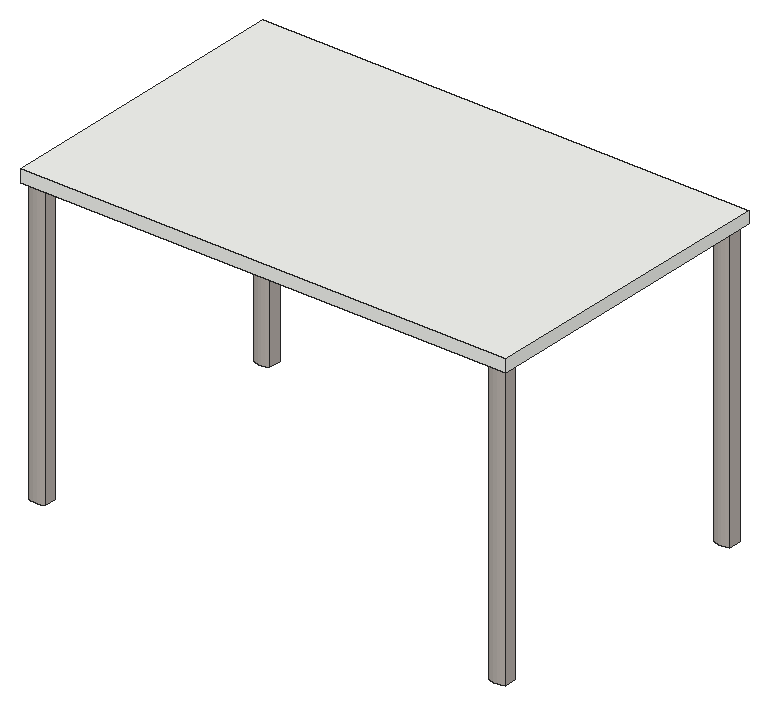
Revit family "Mesa_Trabalho", category Furniture, Revit 2025
Family settings
  OmniClass Number = 23.40.70.14.64.11
  OmniClass Title = Office Furniture
  Work Plane-Based = No
  Enable Cutting in Views = No
  Always vertical = Yes
  Cut with Voids When Loaded = No
  Render Appearance Source = Family Geometry
  Shared = No
  Room Calculation Point = Yes
Parameters (values of type "Mesa_120x75x73")
  Width = 1.200 m
  Watermarked By = ""
  Height = 0.730 m
  Hat Channel Width = if(Width = 1.3716 m, 0.98044 m, if(Width = 1.524 m, 1.09982 m, if(Width = 1.6764 m, 1.2192 m, if(Width = 1.8288 m, 1.45796 m, 0.98044 m))))  # 0.98044 m
  Hat Channel Position = if(Depth = 0.4572 m, 0.034163 m, 0.000 m)  # 0.000 m
  Hat Channel = Width > 1.3462 m  # no
  Depth = 0.750 m
  Default Elevation = 0.000 m
  Cost = 1
  Catalog Code = ""
  Casters [instance] = no
  URL = ""
  Top/Edge Finish [instance] = Herman Miller - Laminate 91 White
  Product Documentation Link = ""
  Package Qty = 1
  Model = ""
  Manufacturer = ""
  Leg Finish [instance] = Fiocruz_PesMesas
  Description = ""
  Copyright © = ""
  Catalog = ""
  Base Price [instance] = ""
  Assembly Code = ""
  Actual Width = Width - 0.003048 m  # 1.196952 m
  Actual Depth = Depth - 0.003048 m  # 0.746952 m
Types (7, lengths in m): name | Width | Height | Hat Channel | Depth | Cost | Top/Edge Finish | Manufacturer | Leg Finish | Copyright © | Catalog | Actual Width | Actual Depth
  Mesa_180x75x90 | 1.800 | 0.900 | yes | 0.750 | 0 | Default | "" | Default | "" | "" | 1.796952 | 0.746952
  Mesa_140x75x73 | 1.400 | 0.730 | yes | 0.750 | 1 | Herman Miller - Laminate 91 White | "Herman Miller, Inc." | Fiocruz_PesMesas | "Copyright © Herman Miller, Inc." | "Tables and Furniture" | 1.396952 | 0.746952
  Mesa_120x75x73 | 1.200 | 0.730 | no | 0.750 | 1 | Herman Miller - Laminate 91 White | "" | Fiocruz_PesMesas | "" | "" | 1.196952 | 0.746952
  Mesa_140x90x75 | 1.400 | 0.750 | yes | 0.900 | 0 | Herman Miller - Laminate 91 White | "Herman Miller, Inc." | Fiocruz_PesMesas | "Copyright © Herman Miller, Inc." | "Tables and Furniture" | 1.396952 | 0.896952
  Mesa_200x90x90 | 2.000 | 0.900 | yes | 0.900 | 0 | Herman Miller - Laminate 91 White | "Herman Miller, Inc." | Fiocruz_PesMesas | "Copyright © Herman Miller, Inc." | "Tables and Furniture" | 1.996952 | 0.896952
  Mesa_180x90x90 | 1.800 | 0.900 | yes | 0.900 | 0 | Herman Miller - Laminate 91 White | "Herman Miller, Inc." | Fiocruz_PesMesas | "Copyright © Herman Miller, Inc." | "Tables and Furniture" | 1.796952 | 0.896952
  Mesa_140x90x90 | 1.400 | 0.900 | yes | 0.900 | 0 | Herman Miller - Laminate 91 White | "Herman Miller, Inc." | Fiocruz_PesMesas | "Copyright © Herman Miller, Inc." | "Tables and Furniture" | 1.396952 | 0.896952
Reference planes (m)
  plane 1 "Bottom": z = 0
  plane 2 "Z Origin": z = 0
  plane 3 "Center (Left/Right)": x = -0.449263
  plane 4 "Center (Front/Back)": y = 0.06985
  plane 5 "Left": x = -1.047739
  plane 6 "Right": x = 0.149213
  plane 7 "Back": y = 0.443326
  plane 8 "Front": y = -0.303626
  plane 9 "Top": z = 0.73
  plane 10 "Post Top": z = 0.7
  plane 11 "Hat Channel Left": x = -0.939483
  plane 12 "Hat Channel Right": x = 0.040957
Forms (m)
  Extrusion 1, solid, material "Herman Miller - Laminate 91 White" <- "Top/Edge Finish"
    sketch origin (0, 0.073422, 0) x (-1, 0, 0) y (0, 0, 1)
      loop
        line (1.047739, 0.73) -> (-0.149213, 0.73) -> (-0.149213, 0.7) -> (1.047739, 0.7) -> (1.047739, 0.73)
    from -0.377048 to 0.369904
  Extrusion 2, solid, material "Fiocruz_PesMesas" <- "Leg Finish"
    sketch origin (0, 0, 0) x (1, 0, 0) y (0, 1, 0)
      loop
        arc (0.097651, -0.290621) -> (0.11759, -0.295955) -> (0.137529, -0.290621) r 0.039934
        line (0.137529, -0.290621) -> (0.137529, -0.262427)
        arc (0.137529, -0.262427) -> (0.11759, -0.257093) -> (0.097651, -0.262427) r 0.039934
        line (0.097651, -0.262427) -> (0.097651, -0.290621)
    from 0 to 0.7
  Extrusion 3, solid, material "Fiocruz_PesMesas" <- "Leg Finish"
    sketch origin (0, 0.1397, 0) x (1, 0, 0) y (0, 1, 0)
      loop
        line (0.097651, 0.290621) -> (0.097651, 0.262427)
        arc (0.097651, 0.262427) -> (0.11759, 0.257093) -> (0.137529, 0.262427) r 0.039934
        line (0.137529, 0.262427) -> (0.137529, 0.290621)
        arc (0.137529, 0.290621) -> (0.11759, 0.295955) -> (0.097651, 0.290621) r 0.039934
    from 0 to 0.7
  Extrusion 4, solid, material "Fiocruz_PesMesas" <- "Leg Finish"
    sketch origin (-0.898525, 0, 0) x (-1, 0, 0) y (0, -1, 0)
      loop
        line (0.097651, 0.290621) -> (0.097651, 0.262427)
        arc (0.097651, 0.262427) -> (0.11759, 0.257093) -> (0.137529, 0.262427) r 0.039934
        line (0.137529, 0.262427) -> (0.137529, 0.290621)
        arc (0.137529, 0.290621) -> (0.11759, 0.295955) -> (0.097651, 0.290621) r 0.039934
    from 0 to 0.7
  Extrusion 5, solid, material "Fiocruz_PesMesas" <- "Leg Finish"
    sketch origin (-0.898525, 0.1397, 0) x (-1, 0, 0) y (0, -1, 0)
      loop
        arc (0.097651, -0.290621) -> (0.11759, -0.295955) -> (0.137529, -0.290621) r 0.039934
        line (0.137529, -0.290621) -> (0.137529, -0.262427)
        arc (0.137529, -0.262427) -> (0.11759, -0.257093) -> (0.097651, -0.262427) r 0.039934
        line (0.097651, -0.262427) -> (0.097651, -0.290621)
    from 0 to 0.7
Lines and regions (m)
  Masking region 1
    outline origin (0, 0, 0.73) x (-1, 0, 0) y (0, -1, 0)
      loop
        line (1.047739, -0.443326) -> (1.047739, 0.303626) -> (-0.149213, 0.303626) -> (-0.149213, -0.443326) -> (1.047739, -0.443326)
  Masking region 2
    outline origin (0, 0.443326, 0) x (-1, 0, 0) y (0, 0, 1)
      loop
        line (1.047739, 0.73) -> (-0.149213, 0.73) -> (-0.149213, 0.7) -> (1.047739, 0.7) -> (1.047739, 0.73)
  Masking region 3
    outline origin (-0.449263, 0.09525, 2.1336) x (0, -1, 0) y (0, 0, 1)
      loop
        line (-0.348076, -1.4036) -> (-0.348076, -1.4336) -> (0.398876, -1.4336) -> (0.398876, -1.4036) -> (-0.348076, -1.4036)
Dimensions and locks (m)
  equal spacing: plane 5 "Left", plane 3 "Center (Left/Right)", plane 6 "Right"
  "Actual Width": plane 5 "Left" to plane 6 "Right"
  equal spacing: plane 7 "Back", plane 4 "Center (Front/Back)", plane 8 "Front"
  "Actual Depth": plane 7 "Back" to plane 8 "Front"
  "Height": plane 9 "Top" to level
  plane 9 "Top" to plane 10 "Post Top" = 0.030 m
  equal spacing: plane 11 "Hat Channel Left", plane 3 "Center (Left/Right)", plane 12 "Hat Channel Right"
  "Hat Channel Width": plane 11 "Hat Channel Left" to plane 12 "Hat Channel Right"
  locked: Extrusion 2 to plane 8 "Front" at 0.007671
  locked: Extrusion 2 to Extrusion 1 at 0.011684
  aligned and locked: plane 1 "Bottom" to plane 2 "Z Origin"
  aligned and locked: plane 9 "Top" to Extrusion 1 sketch curve
  aligned and locked: plane 5 "Left" to Extrusion 1 sketch curve
  aligned and locked: Extrusion 1 sketch curve to plane 6 "Right"
  aligned and locked: Extrusion 1 to plane 8 "Front"
  aligned and locked: plane 7 "Back" to Extrusion 1
  aligned and locked: Extrusion 1 to plane 6 "Right"
  aligned and locked: plane 5 "Left" to Extrusion 1
  aligned and locked: Masking region 1 sketch curve to Extrusion 1  (x3)
  aligned and locked: Masking region 2 sketch curve to Extrusion 1  (x3)
  aligned and locked: Masking region 3 sketch curve to Extrusion 1  (x4)
  aligned and locked: Extrusion 1 to plane 10 "Post Top"
  aligned and locked: Extrusion 2 to Extrusion 1
  aligned and locked: plane 10 "Post Top" to Extrusion 4
  aligned and locked: plane 10 "Post Top" to Extrusion 3
  aligned and locked: plane 10 "Post Top" to Extrusion 5
Automatic sketch dimensions
  Extrusion 1 sketch curve to plane 10 "Post Top" = 0.000 m
  Masking region 1 sketch curve to plane 5 "Left" = 0.000 m
  plane 6 "Right" to Masking region 2 sketch curve = 0.000 m
  plane 6 "Right" to Extrusion 2 sketch curve = 0.051562 m
  plane 8 "Front" to Extrusion 2 sketch curve = 0.006599 m
  Extrusion 2 sketch curve to Extrusion 2 sketch curve = 0.019939 m  (x2)
  plane 6 "Right" to Extrusion 2 sketch curve = 0.011684 m
  plane 8 "Front" to Extrusion 2 sketch curve = 0.013005 m
  Extrusion 2 sketch curve to Extrusion 2 sketch curve = 0.028194 m
  Extrusion 2 sketch curve to Extrusion 2 sketch curve = 0.006406 m
  Extrusion 3 sketch curve to plane 6 "Right" = 0.051562 m
  plane 7 "Back" to Extrusion 3 sketch curve = 0.006599 m
  Extrusion 3 sketch curve to Extrusion 3 sketch curve = 0.019939 m  (x2)
  Extrusion 3 sketch curve to plane 6 "Right" = 0.011684 m
  plane 7 "Back" to Extrusion 3 sketch curve = 0.013005 m
  Extrusion 3 sketch curve to Extrusion 3 sketch curve = 0.028194 m
  Extrusion 3 sketch curve to Extrusion 3 sketch curve = 0.006406 m
  plane 5 "Left" to Extrusion 4 sketch curve = 0.051562 m
  Extrusion 4 sketch curve to plane 8 "Front" = 0.006599 m
  Extrusion 4 sketch curve to Extrusion 4 sketch curve = 0.019939 m  (x2)
  plane 5 "Left" to Extrusion 4 sketch curve = 0.011684 m
  Extrusion 4 sketch curve to plane 8 "Front" = 0.013005 m
  Extrusion 4 sketch curve to Extrusion 4 sketch curve = 0.028194 m
  Extrusion 4 sketch curve to Extrusion 4 sketch curve = 0.006406 m
  Extrusion 5 sketch curve to plane 5 "Left" = 0.051562 m
  Extrusion 5 sketch curve to plane 7 "Back" = 0.006599 m
  Extrusion 5 sketch curve to Extrusion 5 sketch curve = 0.019939 m  (x2)
  Extrusion 5 sketch curve to plane 5 "Left" = 0.011684 m
  Extrusion 5 sketch curve to plane 7 "Back" = 0.013005 m
  Extrusion 5 sketch curve to Extrusion 5 sketch curve = 0.028194 m
  Extrusion 5 sketch curve to Extrusion 5 sketch curve = 0.006406 m
